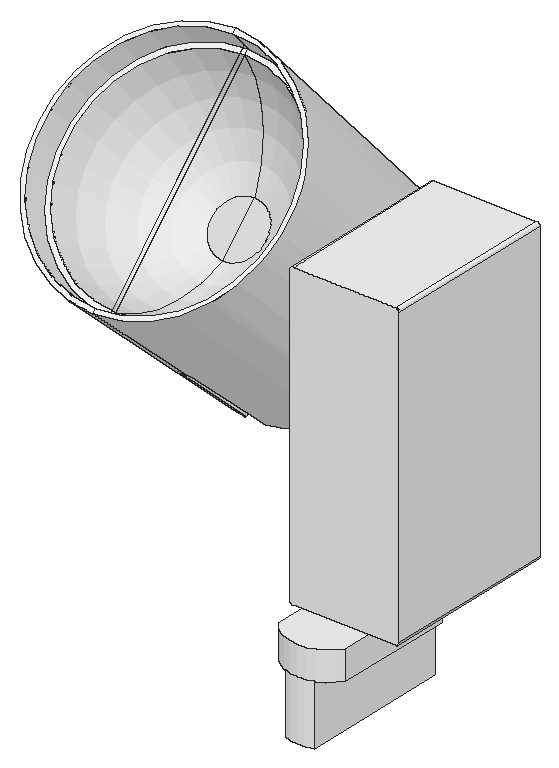
Revit family "0004865 Feilo Sylvania Lighting Fixture START TRACK SPOT L 35W 3K RA90 NB WHITE", category Lighting Fixtures, host Face, Revit 2017 (continued)
Definition of nested family "Start Track Spot Head"
  Types (96, lengths in mm): name | Wattage | built-in parameter 1150134 | Photometric Web File | Model | built-in parameter 1150105 | Lumens | built-in parameter 1150107 | built-in parameter 1150106 | HeadThickness_FEILO | HeadRibOffset_FEILO | HeadRibDepth_FEILO | HeadRibCutWidth_FEILO | HeadRibCutOffset_FEILO | HeadReflectorRadius_FEILO | HeadReflectorOffset_FEILO | HeadLEDRadius_FEILO | HeadHeight_FEILO | HeadDiffusorOffset_FEILO | HeadDiaOut_FEILO | HeadDiaIn_FEILO | HeadAxisFromTop_FEILO | Emit from Circle Diameter | built-in parameter 1150104 | Description | Apparent Load
    0004864 START TRACK SPOT S 24W 3K RA90 WB WHITE | 24 W | (empty or 0) | "0004864.ies" | "START TRACK SPOT S 24W 3K RA90 WB WHITE" | 152.79 (stored number, unit not read) | 1920 lm | 3000 (stored number, unit not read) | 1.5279 (stored number, unit not read) | 1.5 | 4.179 | 55.714 | 7.167 | 50.87 | 50.588 | 55.714 | 9.556 | 117 | 9.435 | 86 | 77.477 | 69.354 | 77.477 | 7.4322 (stored number, unit not read) | "Integrated LED spotlight, Textured White - RAL9016, compact and minimalist design, ideal for retail applications, die-cast aluminium body, passive cooling heatsink. Beam angle: 64°, color temperature: 3000K , total system power: 24W, total fixture output: 1928 lm, LOR: 100%, colour rendering: Ra: 90 typical, LED Chromaticity: 3 step MacAdam ellipse, lifetime: >50000 hours at L70B50, energy class: A++, A+, A, IR/UV free light source without heat radiation, operating voltage: 220-240V / 50-60Hz, drive current: 600mA, electronic driver, non-dimmable, power factor: 0.95, electrical protection: Class II, Global Track 3 Phase adapter suitable for Global trac 3-circuit tracks, ingress protection rating: IP20, suitable for internal environment only, horizontal rotation: 355°, vertical tilt: 90°, dimensions: Ø86x140x200, weight: 0.966kg." | 24 VA
    0004863 START TRACK SPOT S 24W 3K RA90 MB WHITE | 24 W | (empty or 0) | "0004863.ies" | "START TRACK SPOT S 24W 3K RA90 MB WHITE" | 154.7 (stored number, unit not read) | 1944 lm | 3000 (stored number, unit not read) | 1.547 (stored number, unit not read) | 1.5 | 4.179 | 55.714 | 7.167 | 50.87 | 50.588 | 55.714 | 9.556 | 117 | 9.435 | 86 | 77.477 | 69.354 | 77.477 | 7.5251 (stored number, unit not read) | "Integrated LED spotlight, Textured White - RAL9016, compact and minimalist design, ideal for retail applications, die-cast aluminium body, passive cooling heatsink. Beam angle: 36°, color temperature: 3000K , total system power: 24W, total fixture output: 1944 lm, LOR: 100%, colour rendering: Ra: 90 typical, LED Chromaticity: 3 step MacAdam ellipse, lifetime: >50000 hours at L70B50, energy class: A++, A+, A, IR/UV free light source without heat radiation, operating voltage: 220-240V / 50-60Hz, drive current: 600mA, electronic driver, non-dimmable, power factor: 0.95, electrical protection: Class II, Global Track 3 Phase adapter suitable for Global trac 3-circuit tracks, ingress protection rating: IP20, suitable for internal environment only, horizontal rotation: 355°, vertical tilt: 90°, dimensions: Ø86x140x200, weight: 0.966kg." | 24 VA
    0004862 START TRACK SPOT S 24W 3K RA90 NB WHITE | 24 W | (empty or 0) | "0004862.ies" | "START TRACK SPOT S 24W 3K RA90 NB WHITE" | 158.52 (stored number, unit not read) | 1992 lm | 3000 (stored number, unit not read) | 1.5852 (stored number, unit not read) | 1.5 | 4.179 | 55.714 | 7.167 | 50.87 | 50.588 | 55.714 | 9.556 | 117 | 9.435 | 86 | 77.477 | 69.354 | 77.477 | 7.711 (stored number, unit not read) | "Integrated LED spotlight, Textured White - RAL9016, compact and minimalist design, ideal for retail applications, die-cast aluminium body, passive cooling heatsink. Beam angle: 12°, color temperature: 3000K , total system power: 24W, total fixture output: 1987 lm, LOR: 100%, colour rendering: Ra: 90 typical, LED Chromaticity: 3 step MacAdam ellipse, lifetime: >50000 hours at L70B50, energy class: A++, A+, A, IR/UV free light source without heat radiation, operating voltage: 220-240V / 50-60Hz, drive current: 600mA, electronic driver, non-dimmable, power factor: 0.95, electrical protection: Class II, Global Track 3 Phase adapter suitable for Global trac 3-circuit tracks, ingress protection rating: IP20, suitable for internal environment only, horizontal rotation: 355°, vertical tilt: 90°, dimensions: Ø86x140x200, weight: 0.966kg." | 24 VA
    0004861 START TRACK SPOT S 14W 3K RA90 WB WHITE | 14 W | (empty or 0) | "0004861.ies" | "START TRACK SPOT S 14W 3K RA90 WB WHITE" | 100.27 (stored number, unit not read) | 1260 lm | 3000 (stored number, unit not read) | 1.0027 (stored number, unit not read) | 1.5 | 4.179 | 55.714 | 7.167 | 50.87 | 50.588 | 55.714 | 9.556 | 117 | 9.435 | 86 | 77.477 | 69.354 | 77.477 | 8.3613 (stored number, unit not read) | "Integrated LED spotlight, Textured White - RAL9016, compact and minimalist design, ideal for retail applications, die-cast aluminium body, passive cooling heatsink. Beam angle: 64°, color temperature: 3000K , total system power: 14W, total fixture output: 1262 lm, LOR: 100%, colour rendering: Ra: 90 typical, LED Chromaticity: 3 step MacAdam ellipse, lifetime: >50000 hours at L70B50, energy class: A++, A+, A, IR/UV free light source without heat radiation, operating voltage: 220-240V / 50-60Hz, drive current: 350mA, electronic driver, non-dimmable, power factor: 0.92, electrical protection: Class II, Global Track 3 Phase adapter suitable for Global trac 3-circuit tracks, ingress protection rating: IP20, suitable for internal environment only, horizontal rotation: 355°, vertical tilt: 90°, dimensions: Ø86x140x200, weight: 0.940kg." | 14 VA
    0004860 START TRACK SPOT S 14W 3K RA90 MB WHITE | 14 W | (empty or 0) | "0004860.ies" | "START TRACK SPOT S 14W 3K RA90 MB WHITE" | 100.27 (stored number, unit not read) | 1260 lm | 3000 (stored number, unit not read) | 1.0027 (stored number, unit not read) | 1.5 | 4.179 | 55.714 | 7.167 | 50.87 | 50.588 | 55.714 | 9.556 | 117 | 9.435 | 86 | 77.477 | 69.354 | 77.477 | 8.3613 (stored number, unit not read) | "Integrated LED spotlight, Textured White - RAL9016, compact and minimalist design, ideal for retail applications, die-cast aluminium body, passive cooling heatsink. Beam angle: 36°, color temperature: 3000K , total system power: 14W, total fixture output: 1262 lm, LOR: 100%, colour rendering: Ra: 90 typical, LED Chromaticity: 3 step MacAdam ellipse, lifetime: >50000 hours at L70B50, energy class: A++, A+, A, IR/UV free light source without heat radiation, operating voltage: 220-240V / 50-60Hz, drive current: 350mA, electronic driver, non-dimmable, power factor: 0.92, electrical protection: Class II, Global Track 3 Phase adapter suitable for Global trac 3-circuit tracks, ingress protection rating: IP20, suitable for internal environment only, horizontal rotation: 355°, vertical tilt: 90°, dimensions: Ø86x140x200, weight: 0.940kg." | 14 VA
    0004859 START TRACK SPOT S 14W 3K RA90 NB WHITE | 14 W | (empty or 0) | "0004859.ies" | "START TRACK SPOT S 14W 3K RA90 NB WHITE" | 102.5 (stored number, unit not read) | 1288 lm | 3000 (stored number, unit not read) | 1.025 (stored number, unit not read) | 1.5 | 4.179 | 55.714 | 7.167 | 50.87 | 50.588 | 55.714 | 9.556 | 117 | 9.435 | 86 | 77.477 | 69.354 | 77.477 | 8.5471 (stored number, unit not read) | "Integrated LED spotlight, Textured White - RAL9016, compact and minimalist design, ideal for retail applications, die-cast aluminium body, passive cooling heatsink. Beam angle: 12°, color temperature: 3000K , total system power: 14W, total fixture output: 1284 lm, LOR: 100%, colour rendering: Ra: 90 typical, LED Chromaticity: 3 step MacAdam ellipse, lifetime: >50000 hours at L70B50, energy class: A++, A+, A, IR/UV free light source without heat radiation, operating voltage: 220-240V / 50-60Hz, drive current: 350mA, electronic driver, non-dimmable, power factor: 0.92, electrical protection: Class II, Global Track 3 Phase adapter suitable for Global trac 3-circuit tracks, ingress protection rating: IP20, suitable for internal environment only, horizontal rotation: 355°, vertical tilt: 90°, dimensions: Ø86x140x200, weight: 0.940kg." | 14 VA
    0004858 START TRACK SPOT L 55W 4K RA80 WB BLACK | 55 W | 12 | "0004858.ies" | "START TRACK SPOT L 55W 4K RA80 WB BLACK" | 424.55 (stored number, unit not read) | 5335 lm | 4000 (stored number, unit not read) | 4.2455 (stored number, unit not read) | 2 | 4.429 | 59.048 | 9.417 | 53.913 | 66.471 | 59.048 | 12.556 | 124 | 10 | 113 | 101.802 | 73.503 | 101.802 | 9.0116 (stored number, unit not read) | "Integrated LED spotlight, Textured Black - RAL9005, compact and minimalist design, ideal for retail applications, die-cast aluminium body, passive cooling heatsink. Beam angle: 52°, color temperature: 4000K , total system power: 55W, total fixture output: 5320 lm, LOR: 100%, colour rendering: Ra: 80 typical, LED Chromaticity: 3 step MacAdam ellipse, lifetime: >50000 hours at L70B50, energy class: A++, A+, A, IR/UV free light source without heat radiation, operating voltage: 220-240V / 50-60Hz, drive current: 1400mA, electronic driver, non-dimmable, power factor: 0.96, electrical protection: Class II, Global Track 3 Phase adapter suitable for Global trac 3-circuit tracks, ingress protection rating: IP20, suitable for internal environment only, horizontal rotation: 355°, vertical tilt: 90°, dimensions: Ø113x164x240, weight: 1.398kg." | 55 VA
    0004857 START TRACK SPOT L 55W 4K RA80 MB BLACK | 55 W | 12 | "0004857.ies" | "START TRACK SPOT L 55W 4K RA80 MB BLACK" | 428.92 (stored number, unit not read) | 5390 lm | 4000 (stored number, unit not read) | 4.2892 (stored number, unit not read) | 2 | 4.429 | 59.048 | 9.417 | 53.913 | 66.471 | 59.048 | 12.556 | 124 | 10 | 113 | 101.802 | 73.503 | 101.802 | 9.1045 (stored number, unit not read) | "Integrated LED spotlight, Textured Black - RAL9005, compact and minimalist design, ideal for retail applications, die-cast aluminium body, passive cooling heatsink. Beam angle: 38°, color temperature: 4000K , total system power: 55W, total fixture output: 5378 lm, LOR: 100%, colour rendering: Ra: 80 typical, LED Chromaticity: 3 step MacAdam ellipse, lifetime: >50000 hours at L70B50, energy class: A++, A+, A, IR/UV free light source without heat radiation, operating voltage: 220-240V / 50-60Hz, drive current: 1400mA, electronic driver, non-dimmable, power factor: 0.96, electrical protection: Class II, Global Track 3 Phase adapter suitable for Global trac 3-circuit tracks, ingress protection rating: IP20, suitable for internal environment only, horizontal rotation: 355°, vertical tilt: 90°, dimensions: Ø113x164x240, weight: 1.398kg." | 55 VA
    0004856 START TRACK SPOT L 55W 4K RA80 NB BLACK | 55 W | 12 | "0004856.ies" | "START TRACK SPOT L 55W 4K RA80 NB BLACK" | 433.3 (stored number, unit not read) | 5445 lm | 4000 (stored number, unit not read) | 4.333 (stored number, unit not read) | 2 | 4.429 | 59.048 | 9.417 | 53.913 | 66.471 | 59.048 | 12.556 | 124 | 10 | 113 | 101.802 | 73.503 | 101.802 | 9.1974 (stored number, unit not read) | "Integrated LED spotlight, Textured Black - RAL9005, compact and minimalist design, ideal for retail applications, die-cast aluminium body, passive cooling heatsink. Beam angle: 15°, color temperature: 4000K , total system power: 55W, total fixture output: 5426 lm, LOR: 100%, colour rendering: Ra: 80 typical, LED Chromaticity: 3 step MacAdam ellipse, lifetime: >50000 hours at L70B50, energy class: A++, A+, A, IR/UV free light source without heat radiation, operating voltage: 220-240V / 50-60Hz, drive current: 1400mA, electronic driver, non-dimmable, power factor: 0.96, electrical protection: Class II, Global Track 3 Phase adapter suitable for Global trac 3-circuit tracks, ingress protection rating: IP20, suitable for internal environment only, horizontal rotation: 355°, vertical tilt: 90°, dimensions: Ø113x164x240, weight: 1.398kg." | 55 VA
    0004855 START TRACK SPOT L 35W 4K RA80 WB BLACK | 35 W | 12 | "0004855.ies" | "START TRACK SPOT L 35W 4K RA80 WB BLACK" | 320.3 (stored number, unit not read) | 4025 lm | 4000 (stored number, unit not read) | 3.203 (stored number, unit not read) | 2 | 4.429 | 59.048 | 9.417 | 53.913 | 66.471 | 59.048 | 12.556 | 124 | 10 | 113 | 101.802 | 73.503 | 101.802 | 10.684 (stored number, unit not read) | "Integrated LED spotlight, Textured Black - RAL9005, compact and minimalist design, ideal for retail applications, die-cast aluminium body, passive cooling heatsink. Beam angle: 52°, color temperature: 4000K , total system power: 35W, total fixture output: 4010 lm, LOR: 100%, colour rendering: Ra: 80 typical, LED Chromaticity: 3 step MacAdam ellipse, lifetime: >50000 hours at L70B50, energy class: A++, A+, A, IR/UV free light source without heat radiation, operating voltage: 220-240V / 50-60Hz, drive current: 900mA, electronic driver, non-dimmable, power factor: 0.93, electrical protection: Class II, Global Track 3 Phase adapter suitable for Global trac 3-circuit tracks, ingress protection rating: IP20, suitable for internal environment only, horizontal rotation: 355°, vertical tilt: 90°, dimensions: Ø113x164x240, weight: 1.368kg." | 35 VA
    0004854 START TRACK SPOT L 35W 4K RA80 MB BLACK | 35 W | 12 | "0004854.ies" | "START TRACK SPOT L 35W 4K RA80 MB BLACK" | 320.3 (stored number, unit not read) | 4025 lm | 4000 (stored number, unit not read) | 3.203 (stored number, unit not read) | 2 | 4.429 | 59.048 | 9.417 | 53.913 | 66.471 | 59.048 | 12.556 | 124 | 10 | 113 | 101.802 | 73.503 | 101.802 | 10.684 (stored number, unit not read) | "Integrated LED spotlight, Textured Black - RAL9005, compact and minimalist design, ideal for retail applications, die-cast aluminium body, passive cooling heatsink. Beam angle: 38°, color temperature: 4000K , total system power: 35W, total fixture output: 4017 lm, LOR: 100%, colour rendering: Ra: 80 typical, LED Chromaticity: 3 step MacAdam ellipse, lifetime: >50000 hours at L70B50, energy class: A++, A+, A, IR/UV free light source without heat radiation, operating voltage: 220-240V / 50-60Hz, drive current: 900mA, electronic driver, non-dimmable, power factor: 0.93, electrical protection: Class II, Global Track 3 Phase adapter suitable for Global trac 3-circuit tracks, ingress protection rating: IP20, suitable for internal environment only, horizontal rotation: 355°, vertical tilt: 90°, dimensions: Ø113x164x240, weight: 1.368kg." | 35 VA
    0004853 START TRACK SPOT L 35W 4K RA80 NB BLACK | 35 W | 12 | "0004853.ies" | "START TRACK SPOT L 35W 4K RA80 NB BLACK" | 331.44 (stored number, unit not read) | 4165 lm | 4000 (stored number, unit not read) | 3.3144 (stored number, unit not read) | 2 | 4.429 | 59.048 | 9.417 | 53.913 | 66.471 | 59.048 | 12.556 | 124 | 10 | 113 | 101.802 | 73.503 | 101.802 | 11.055 (stored number, unit not read) | "Integrated LED spotlight, Textured Black - RAL9005, compact and minimalist design, ideal for retail applications, die-cast aluminium body, passive cooling heatsink. Beam angle: 15°, color temperature: 4000K , total system power: 35W, total fixture output: 4174 lm, LOR: 100%, colour rendering: Ra: 80 typical, LED Chromaticity: 3 step MacAdam ellipse, lifetime: >50000 hours at L70B50, energy class: A++, A+, A, IR/UV free light source without heat radiation, operating voltage: 220-240V / 50-60Hz, drive current: 900mA, electronic driver, non-dimmable, power factor: 0.93, electrical protection: Class II, Global Track 3 Phase adapter suitable for Global trac 3-circuit tracks, ingress protection rating: IP20, suitable for internal environment only, horizontal rotation: 355°, vertical tilt: 90°, dimensions: Ø113x164x240, weight: 1.368kg." | 35 VA
    0004852 START TRACK SPOT S 24W 4K RA80 WB BLACK | 24 W | 12 | "0004852.ies" | "START TRACK SPOT S 24W 4K RA80 WB BLACK" | 196.72 (stored number, unit not read) | 2472 lm | 4000 (stored number, unit not read) | 1.9672 (stored number, unit not read) | 1.5 | 4.179 | 55.714 | 7.167 | 50.87 | 50.588 | 55.714 | 9.556 | 117 | 9.435 | 86 | 77.477 | 69.354 | 77.477 | 9.569 (stored number, unit not read) | "Integrated LED spotlight, Textured Black - RAL9005, compact and minimalist design, ideal for retail applications, die-cast aluminium body, passive cooling heatsink. Beam angle: 64°, color temperature: 4000K , total system power: 24W, total fixture output: 2476 lm, LOR: 100%, colour rendering: Ra: 80 typical, LED Chromaticity: 3 step MacAdam ellipse, lifetime: >50000 hours at L70B50, energy class: A++, A+, A, IR/UV free light source without heat radiation, operating voltage: 220-240V / 50-60Hz, drive current: 600mA, electronic driver, non-dimmable, power factor: 0.95, electrical protection: Class II, Global Track 3 Phase adapter suitable for Global trac 3-circuit tracks, ingress protection rating: IP20, suitable for internal environment only, horizontal rotation: 355°, vertical tilt: 90°, dimensions: Ø86x140x200, weight: 0.966kg." | 24 VA
    0004851 START TRACK SPOT S 24W 4K RA80 MB BLACK | 24 W | 12 | "0004851.ies" | "START TRACK SPOT S 24W 4K RA80 MB BLACK" | 198.63 (stored number, unit not read) | 2496 lm | 4000 (stored number, unit not read) | 1.9863 (stored number, unit not read) | 1.5 | 4.179 | 55.714 | 7.167 | 50.87 | 50.588 | 55.714 | 9.556 | 117 | 9.435 | 86 | 77.477 | 69.354 | 77.477 | 9.6619 (stored number, unit not read) | "Integrated LED spotlight, Textured Black - RAL9005, compact and minimalist design, ideal for retail applications, die-cast aluminium body, passive cooling heatsink. Beam angle: 36°, color temperature: 4000K , total system power: 24W, total fixture output: 2487 lm, LOR: 100%, colour rendering: Ra: 80 typical, LED Chromaticity: 3 step MacAdam ellipse, lifetime: >50000 hours at L70B50, energy class: A++, A+, A, IR/UV free light source without heat radiation, operating voltage: 220-240V / 50-60Hz, drive current: 600mA, electronic driver, non-dimmable, power factor: 0.95, electrical protection: Class II, Global Track 3 Phase adapter suitable for Global trac 3-circuit tracks, ingress protection rating: IP20, suitable for internal environment only, horizontal rotation: 355°, vertical tilt: 90°, dimensions: Ø86x140x200, weight: 0.966kg." | 24 VA
    0004850 START TRACK SPOT S 24W 4K RA80 NB BLACK | 24 W | 12 | "0004850.ies" | "START TRACK SPOT S 24W 4K RA80 NB BLACK" | 200.54 (stored number, unit not read) | 2520 lm | 4000 (stored number, unit not read) | 2.0054 (stored number, unit not read) | 1.5 | 4.179 | 55.714 | 7.167 | 50.87 | 50.588 | 55.714 | 9.556 | 117 | 9.435 | 86 | 77.477 | 69.354 | 77.477 | 9.7548 (stored number, unit not read) | "Integrated LED spotlight, Textured Black - RAL9005, compact and minimalist design, ideal for retail applications, die-cast aluminium body, passive cooling heatsink. Beam angle: 12°, color temperature: 4000K , total system power: 24W, total fixture output: 2529 lm, LOR: 100%, colour rendering: Ra: 80 typical, LED Chromaticity: 3 step MacAdam ellipse, lifetime: >50000 hours at L70B50, energy class: A++, A+, A, IR/UV free light source without heat radiation, operating voltage: 220-240V / 50-60Hz, drive current: 600mA, electronic driver, non-dimmable, power factor: 0.95, electrical protection: Class II, Global Track 3 Phase adapter suitable for Global trac 3-circuit tracks, ingress protection rating: IP20, suitable for internal environment only, horizontal rotation: 355°, vertical tilt: 90°, dimensions: Ø86x140x200, weight: 0.966kg." | 24 VA
    0004849 START TRACK SPOT S 14W 4K RA80 WB BLACK | 14 W | 12 | "0004849.ies" | "START TRACK SPOT S 14W 4K RA80 WB BLACK" | 123.66 (stored number, unit not read) | 1554 lm | 4000 (stored number, unit not read) | 1.2366 (stored number, unit not read) | 1.5 | 4.179 | 55.714 | 7.167 | 50.87 | 50.588 | 55.714 | 9.556 | 117 | 9.435 | 86 | 77.477 | 69.354 | 77.477 | 10.312 (stored number, unit not read) | "Integrated LED spotlight, Textured Black - RAL9005, compact and minimalist design, ideal for retail applications, die-cast aluminium body, passive cooling heatsink. Beam angle: 64°, color temperature: 4000K , total system power: 14W, total fixture output: 1558 lm, LOR: 100%, colour rendering: Ra: 80 typical, LED Chromaticity: 3 step MacAdam ellipse, lifetime: >50000 hours at L70B50, energy class: A++, A+, A, IR/UV free light source without heat radiation, operating voltage: 220-240V / 50-60Hz, drive current: 350mA, electronic driver, non-dimmable, power factor: 0.92, electrical protection: Class II, Global Track 3 Phase adapter suitable for Global trac 3-circuit tracks, ingress protection rating: IP20, suitable for internal environment only, horizontal rotation: 355°, vertical tilt: 90°, dimensions: Ø86x140x200, weight: 0.940kg." | 14 VA
    0004848 START TRACK SPOT S 14W 4K RA80 MB BLACK | 14 W | 12 | "0004848.ies" | "START TRACK SPOT S 14W 4K RA80 MB BLACK" | 127.01 (stored number, unit not read) | 1596 lm | 4000 (stored number, unit not read) | 1.2701 (stored number, unit not read) | 1.5 | 4.179 | 55.714 | 7.167 | 50.87 | 50.588 | 55.714 | 9.556 | 117 | 9.435 | 86 | 77.477 | 69.354 | 77.477 | 10.591 (stored number, unit not read) | "Integrated LED spotlight, Textured Black - RAL9005, compact and minimalist design, ideal for retail applications, die-cast aluminium body, passive cooling heatsink. Beam angle: 36°, color temperature: 4000K , total system power: 14W, total fixture output: 1598 lm, LOR: 100%, colour rendering: Ra: 80 typical, LED Chromaticity: 3 step MacAdam ellipse, lifetime: >50000 hours at L70B50, energy class: A++, A+, A, IR/UV free light source without heat radiation, operating voltage: 220-240V / 50-60Hz, drive current: 350mA, electronic driver, non-dimmable, power factor: 0.92, electrical protection: Class II, Global Track 3 Phase adapter suitable for Global trac 3-circuit tracks, ingress protection rating: IP20, suitable for internal environment only, horizontal rotation: 355°, vertical tilt: 90°, dimensions: Ø86x140x200, weight: 0.940kg." | 14 VA
    0004847 START TRACK SPOT S 14W 4K RA80 NB BLACK | 14 W | 12 | "0004847.ies" | "START TRACK SPOT S 14W 4K RA80 NB BLACK" | 128.12 (stored number, unit not read) | 1610 lm | 4000 (stored number, unit not read) | 1.2812 (stored number, unit not read) | 1.5 | 4.179 | 55.714 | 7.167 | 50.87 | 50.588 | 55.714 | 9.556 | 117 | 9.435 | 86 | 77.477 | 69.354 | 77.477 | 10.684 (stored number, unit not read) | "Integrated LED spotlight, Textured Black - RAL9005, compact and minimalist design, ideal for retail applications, die-cast aluminium body, passive cooling heatsink. Beam angle: 12°, color temperature: 4000K , total system power: 14W, total fixture output: 1608 lm, LOR: 100%, colour rendering: Ra: 80 typical, LED Chromaticity: 3 step MacAdam ellipse, lifetime: >50000 hours at L70B50, energy class: A++, A+, A, IR/UV free light source without heat radiation, operating voltage: 220-240V / 50-60Hz, drive current: 350mA, electronic driver, non-dimmable, power factor: 0.92, electrical protection: Class II, Global Track 3 Phase adapter suitable for Global trac 3-circuit tracks, ingress protection rating: IP20, suitable for internal environment only, horizontal rotation: 355°, vertical tilt: 90°, dimensions: Ø86x140x200, weight: 0.940kg." | 14 VA
    0004846 START TRACK SPOT L 55W 3K RA80 WB BLACK | 55 W | (empty or 0) | "0004846.ies" | "START TRACK SPOT L 55W 3K RA80 WB BLACK" | 420.17 (stored number, unit not read) | 5280 lm | 3000 (stored number, unit not read) | 4.2017 (stored number, unit not read) | 2 | 4.429 | 59.048 | 9.417 | 53.913 | 66.471 | 59.048 | 12.556 | 124 | 10 | 113 | 101.802 | 73.503 | 101.802 | 8.9187 (stored number, unit not read) | "Integrated LED spotlight, Textured Black - RAL9005, compact and minimalist design, ideal for retail applications, die-cast aluminium body, passive cooling heatsink. Beam angle: 52°, color temperature: 3000K , total system power: 55W, total fixture output: 5298 lm, LOR: 100%, colour rendering: Ra: 80 typical, LED Chromaticity: 3 step MacAdam ellipse, lifetime: >50000 hours at L70B50, energy class: A++, A+, A, IR/UV free light source without heat radiation, operating voltage: 220-240V / 50-60Hz, drive current: 1400mA, electronic driver, non-dimmable, power factor: 0.96, electrical protection: Class II, Global Track 3 Phase adapter suitable for Global trac 3-circuit tracks, ingress protection rating: IP20, suitable for internal environment only, horizontal rotation: 355°, vertical tilt: 90°, dimensions: Ø113x164x240, weight: 1.398kg." | 55 VA
    0004845 START TRACK SPOT L 55W 3K RA80 MB BLACK | 55 W | (empty or 0) | "0004845.ies" | "START TRACK SPOT L 55W 3K RA80 MB BLACK" | 428.92 (stored number, unit not read) | 5390 lm | 3000 (stored number, unit not read) | 4.2892 (stored number, unit not read) | 2 | 4.429 | 59.048 | 9.417 | 53.913 | 66.471 | 59.048 | 12.556 | 124 | 10 | 113 | 101.802 | 73.503 | 101.802 | 9.1045 (stored number, unit not read) | "Integrated LED spotlight, Textured Black - RAL9005, compact and minimalist design, ideal for retail applications, die-cast aluminium body, passive cooling heatsink. Beam angle: 38°, color temperature: 3000K , total system power: 55W, total fixture output: 5381 lm, LOR: 100%, colour rendering: Ra: 80 typical, LED Chromaticity: 3 step MacAdam ellipse, lifetime: >50000 hours at L70B50, energy class: A++, A+, A, IR/UV free light source without heat radiation, operating voltage: 220-240V / 50-60Hz, drive current: 1400mA, electronic driver, non-dimmable, power factor: 0.96, electrical protection: Class II, Global Track 3 Phase adapter suitable for Global trac 3-circuit tracks, ingress protection rating: IP20, suitable for internal environment only, horizontal rotation: 355°, vertical tilt: 90°, dimensions: Ø113x164x240, weight: 1.398kg." | 55 VA
    0004844 START TRACK SPOT L 55W 3K RA80 NB BLACK | 55 W | (empty or 0) | "0004844.ies" | "START TRACK SPOT L 55W 3K RA80 NB BLACK" | 433.3 (stored number, unit not read) | 5445 lm | 3000 (stored number, unit not read) | 4.333 (stored number, unit not read) | 2 | 4.429 | 59.048 | 9.417 | 53.913 | 66.471 | 59.048 | 12.556 | 124 | 10 | 113 | 101.802 | 73.503 | 101.802 | 9.1974 (stored number, unit not read) | "Integrated LED spotlight, Textured Black - RAL9005, compact and minimalist design, ideal for retail applications, die-cast aluminium body, passive cooling heatsink. Beam angle: 15°, color temperature: 3000K , total system power: 55W, total fixture output: 5449 lm, LOR: 100%, colour rendering: Ra: 80 typical, LED Chromaticity: 3 step MacAdam ellipse, lifetime: >50000 hours at L70B50, energy class: A++, A+, A, IR/UV free light source without heat radiation, operating voltage: 220-240V / 50-60Hz, drive current: 1400mA, electronic driver, non-dimmable, power factor: 0.96, electrical protection: Class II, Global Track 3 Phase adapter suitable for Global trac 3-circuit tracks, ingress protection rating: IP20, suitable for internal environment only, horizontal rotation: 355°, vertical tilt: 90°, dimensions: Ø113x164x240, weight: 1.398kg." | 55 VA
    0004843 START TRACK SPOT L 35W 3K RA80 WB BLACK | 35 W | (empty or 0) | "0004843.ies" | "START TRACK SPOT L 35W 3K RA80 WB BLACK" | 314.73 (stored number, unit not read) | 3955 lm | 3000 (stored number, unit not read) | 3.1473 (stored number, unit not read) | 2 | 4.429 | 59.048 | 9.417 | 53.913 | 66.471 | 59.048 | 12.556 | 124 | 10 | 113 | 101.802 | 73.503 | 101.802 | 10.498 (stored number, unit not read) | "Integrated LED spotlight, Textured Black - RAL9005, compact and minimalist design, ideal for retail applications, die-cast aluminium body, passive cooling heatsink. Beam angle: 52°, color temperature: 3000K , total system power: 35W, total fixture output: 3943 lm, LOR: 100%, colour rendering: Ra: 80 typical, LED Chromaticity: 3 step MacAdam ellipse, lifetime: >50000 hours at L70B50, energy class: A++, A+, A, IR/UV free light source without heat radiation, operating voltage: 220-240V / 50-60Hz, drive current: 900mA, electronic driver, non-dimmable, power factor: 0.93, electrical protection: Class II, Global Track 3 Phase adapter suitable for Global trac 3-circuit tracks, ingress protection rating: IP20, suitable for internal environment only, horizontal rotation: 355°, vertical tilt: 90°, dimensions: Ø113x164x240, weight: 1.368kg." | 35 VA
    0004842 START TRACK SPOT L 35W 3K RA80 MB BLACK | 35 W | (empty or 0) | "0004842.ies" | "START TRACK SPOT L 35W 3K RA80 MB BLACK" | 320.3 (stored number, unit not read) | 4025 lm | 3000 (stored number, unit not read) | 3.203 (stored number, unit not read) | 2 | 4.429 | 59.048 | 9.417 | 53.913 | 66.471 | 59.048 | 12.556 | 124 | 10 | 113 | 101.802 | 73.503 | 101.802 | 10.684 (stored number, unit not read) | "Integrated LED spotlight, Textured Black - RAL9005, compact and minimalist design, ideal for retail applications, die-cast aluminium body, passive cooling heatsink. Beam angle: 38°, color temperature: 3000K , total system power: 35W, total fixture output: 4008 lm, LOR: 100%, colour rendering: Ra: 80 typical, LED Chromaticity: 3 step MacAdam ellipse, lifetime: >50000 hours at L70B50, energy class: A++, A+, A, IR/UV free light source without heat radiation, operating voltage: 220-240V / 50-60Hz, drive current: 900mA, electronic driver, non-dimmable, power factor: 0.93, electrical protection: Class II, Global Track 3 Phase adapter suitable for Global trac 3-circuit tracks, ingress protection rating: IP20, suitable for internal environment only, horizontal rotation: 355°, vertical tilt: 90°, dimensions: Ø113x164x240, weight: 1.368kg." | 35 VA
    0004841 START TRACK SPOT L 35W 3K RA80 NB BLACK | 35 W | (empty or 0) | "0004841.ies" | "START TRACK SPOT L 35W 3K RA80 NB BLACK" | 317.51 (stored number, unit not read) | 3990 lm | 3000 (stored number, unit not read) | 3.1751 (stored number, unit not read) | 2 | 4.429 | 59.048 | 9.417 | 53.913 | 66.471 | 59.048 | 12.556 | 124 | 10 | 113 | 101.802 | 73.503 | 101.802 | 10.591 (stored number, unit not read) | "Integrated LED spotlight, Textured Black - RAL9005, compact and minimalist design, ideal for retail applications, die-cast aluminium body, passive cooling heatsink. Beam angle: 15°, color temperature: 3000K , total system power: 35W, total fixture output: 4005 lm, LOR: 100%, colour rendering: Ra: 80 typical, LED Chromaticity: 3 step MacAdam ellipse, lifetime: >50000 hours at L70B50, energy class: A++, A+, A, IR/UV free light source without heat radiation, operating voltage: 220-240V / 50-60Hz, drive current: 900mA, electronic driver, non-dimmable, power factor: 0.93, electrical protection: Class II, Global Track 3 Phase adapter suitable for Global trac 3-circuit tracks, ingress protection rating: IP20, suitable for internal environment only, horizontal rotation: 355°, vertical tilt: 90°, dimensions: Ø113x164x240, weight: 1.368kg." | 35 VA
    0004840 START TRACK SPOT S 24W 3K RA80 WB BLACK | 24 W | (empty or 0) | "0004840.ies" | "START TRACK SPOT S 24W 3K RA80 WB BLACK" | 185.26 (stored number, unit not read) | 2328 lm | 3000 (stored number, unit not read) | 1.8526 (stored number, unit not read) | 1.5 | 4.179 | 55.714 | 7.167 | 50.87 | 50.588 | 55.714 | 9.556 | 117 | 9.435 | 86 | 77.477 | 69.354 | 77.477 | 9.0116 (stored number, unit not read) | "Integrated LED spotlight, Textured Black - RAL9005, compact and minimalist design, ideal for retail applications, die-cast aluminium body, passive cooling heatsink. Beam angle: 64°, color temperature: 3000K , total system power: 24W, total fixture output: 2318 lm, LOR: 100%, colour rendering: Ra: 80 typical, LED Chromaticity: 3 step MacAdam ellipse, lifetime: >50000 hours at L70B50, energy class: A++, A+, A, IR/UV free light source without heat radiation, operating voltage: 220-240V / 50-60Hz, drive current: 600mA, electronic driver, non-dimmable, power factor: 0.95, electrical protection: Class II, Global Track 3 Phase adapter suitable for Global trac 3-circuit tracks, ingress protection rating: IP20, suitable for internal environment only, horizontal rotation: 355°, vertical tilt: 90°, dimensions: Ø86x140x200, weight: 0.966kg." | 24 VA
    0004839 START TRACK SPOT S 24W 3K RA80 MB BLACK | 24 W | (empty or 0) | "0004839.ies" | "START TRACK SPOT S 24W 3K RA80 MB BLACK" | 183.35 (stored number, unit not read) | 2304 lm | 3000 (stored number, unit not read) | 1.8335 (stored number, unit not read) | 1.5 | 4.179 | 55.714 | 7.167 | 50.87 | 50.588 | 55.714 | 9.556 | 117 | 9.435 | 86 | 77.477 | 69.354 | 77.477 | 8.9187 (stored number, unit not read) | "Integrated LED spotlight, Textured Black - RAL9005, compact and minimalist design, ideal for retail applications, die-cast aluminium body, passive cooling heatsink. Beam angle: 36°, color temperature: 3000K , total system power: 24W, total fixture output: 2314 lm, LOR: 100%, colour rendering: Ra: 80 typical, LED Chromaticity: 3 step MacAdam ellipse, lifetime: >50000 hours at L70B50, energy class: A++, A+, A, IR/UV free light source without heat radiation, operating voltage: 220-240V / 50-60Hz, drive current: 600mA, electronic driver, non-dimmable, power factor: 0.95, electrical protection: Class II, Global Track 3 Phase adapter suitable for Global trac 3-circuit tracks, ingress protection rating: IP20, suitable for internal environment only, horizontal rotation: 355°, vertical tilt: 90°, dimensions: Ø86x140x200, weight: 0.966kg." | 24 VA
    0004838 START TRACK SPOT S 24W 3K RA80 NB BLACK | 24 W | (empty or 0) | "0004838.ies" | "START TRACK SPOT S 24W 3K RA80 NB BLACK" | 185.26 (stored number, unit not read) | 2328 lm | 3000 (stored number, unit not read) | 1.8526 (stored number, unit not read) | 1.5 | 4.179 | 55.714 | 7.167 | 50.87 | 50.588 | 55.714 | 9.556 | 117 | 9.435 | 86 | 77.477 | 69.354 | 77.477 | 9.0116 (stored number, unit not read) | "Integrated LED spotlight, Textured Black - RAL9005, compact and minimalist design, ideal for retail applications, die-cast aluminium body, passive cooling heatsink. Beam angle: 12°, color temperature: 3000K , total system power: 24W, total fixture output: 2334 lm, LOR: 100%, colour rendering: Ra: 80 typical, LED Chromaticity: 3 step MacAdam ellipse, lifetime: >50000 hours at L70B50, energy class: A++, A+, A, IR/UV free light source without heat radiation, operating voltage: 220-240V / 50-60Hz, drive current: 600mA, electronic driver, non-dimmable, power factor: 0.95, electrical protection: Class II, Global Track 3 Phase adapter suitable for Global trac 3-circuit tracks, ingress protection rating: IP20, suitable for internal environment only, horizontal rotation: 355°, vertical tilt: 90°, dimensions: Ø86x140x200, weight: 0.966kg." | 24 VA
    0004837 START TRACK SPOT S 14W 3K RA80 WB BLACK | 14 W | (empty or 0) | "0004837.ies" | "START TRACK SPOT S 14W 3K RA80 WB BLACK" | 119.21 (stored number, unit not read) | 1498 lm | 3000 (stored number, unit not read) | 1.1921 (stored number, unit not read) | 1.5 | 4.179 | 55.714 | 7.167 | 50.87 | 50.588 | 55.714 | 9.556 | 117 | 9.435 | 86 | 77.477 | 69.354 | 77.477 | 9.9406 (stored number, unit not read) | "Integrated LED spotlight, Textured Black - RAL9005, compact and minimalist design, ideal for retail applications, die-cast aluminium body, passive cooling heatsink. Beam angle: 64°, color temperature: 3000K , total system power: 14W, total fixture output: 1498 lm, LOR: 100%, colour rendering: Ra: 80 typical, LED Chromaticity: 3 step MacAdam ellipse, lifetime: >50000 hours at L70B50, energy class: A++, A+, A, IR/UV free light source without heat radiation, operating voltage: 220-240V / 50-60Hz, drive current: 350mA, electronic driver, non-dimmable, power factor: 0.92, electrical protection: Class II, Global Track 3 Phase adapter suitable for Global trac 3-circuit tracks, ingress protection rating: IP20, suitable for internal environment only, horizontal rotation: 355°, vertical tilt: 90°, dimensions: Ø86x140x200, weight: 0.940kg." | 14 VA
    0004836 START TRACK SPOT S 14W 3K RA80 MB BLACK | 14 W | (empty or 0) | "0004836.ies" | "START TRACK SPOT S 14W 3K RA80 MB BLACK" | 120.32 (stored number, unit not read) | 1512 lm | 3000 (stored number, unit not read) | 1.2032 (stored number, unit not read) | 1.5 | 4.179 | 55.714 | 7.167 | 50.87 | 50.588 | 55.714 | 9.556 | 117 | 9.435 | 86 | 77.477 | 69.354 | 77.477 | 10.034 (stored number, unit not read) | "Integrated LED spotlight, Textured Black - RAL9005, compact and minimalist design, ideal for retail applications, die-cast aluminium body, passive cooling heatsink. Beam angle: 36°, color temperature: 3000K , total system power: 14W, total fixture output: 1508 lm, LOR: 100%, colour rendering: Ra: 80 typical, LED Chromaticity: 3 step MacAdam ellipse, lifetime: >50000 hours at L70B50, energy class: A++, A+, A, IR/UV free light source without heat radiation, operating voltage: 220-240V / 50-60Hz, drive current: 350mA, electronic driver, non-dimmable, power factor: 0.92, electrical protection: Class II, Global Track 3 Phase adapter suitable for Global trac 3-circuit tracks, ingress protection rating: IP20, suitable for internal environment only, horizontal rotation: 355°, vertical tilt: 90°, dimensions: Ø86x140x200, weight: 0.940kg." | 14 VA
    0004835 START TRACK SPOT S 14W 3K RA80 NB BLACK | 14 W | (empty or 0) | "0004835.ies" | "START TRACK SPOT S 14W 3K RA80 NB BLACK" | 123.66 (stored number, unit not read) | 1554 lm | 3000 (stored number, unit not read) | 1.2366 (stored number, unit not read) | 1.5 | 4.179 | 55.714 | 7.167 | 50.87 | 50.588 | 55.714 | 9.556 | 117 | 9.435 | 86 | 77.477 | 69.354 | 77.477 | 10.312 (stored number, unit not read) | "Integrated LED spotlight, Textured Black - RAL9005, compact and minimalist design, ideal for retail applications, die-cast aluminium body, passive cooling heatsink. Beam angle: 12°, color temperature: 3000K , total system power: 14W, total fixture output: 1551 lm, LOR: 100%, colour rendering: Ra: 80 typical, LED Chromaticity: 3 step MacAdam ellipse, lifetime: >50000 hours at L70B50, energy class: A++, A+, A, IR/UV free light source without heat radiation, operating voltage: 220-240V / 50-60Hz, drive current: 350mA, electronic driver, non-dimmable, power factor: 0.92, electrical protection: Class II, Global Track 3 Phase adapter suitable for Global trac 3-circuit tracks, ingress protection rating: IP20, suitable for internal environment only, horizontal rotation: 355°, vertical tilt: 90°, dimensions: Ø86x140x200, weight: 0.940kg." | 14 VA
    0004834 START TRACK SPOT L 55W 4K RA80 WB WHITE | 55 W | 12 | "0004834.ies" | "START TRACK SPOT L 55W 4K RA80 WB WHITE" | 424.55 (stored number, unit not read) | 5335 lm | 4000 (stored number, unit not read) | 4.2455 (stored number, unit not read) | 2 | 4.429 | 59.048 | 9.417 | 53.913 | 66.471 | 59.048 | 12.556 | 124 | 10 | 113 | 101.802 | 73.503 | 101.802 | 9.0116 (stored number, unit not read) | "Integrated LED spotlight, Textured White - RAL9016, compact and minimalist design, ideal for retail applications, die-cast aluminium body, passive cooling heatsink. Beam angle: 52°, color temperature: 4000K , total system power: 55W, total fixture output: 5320 lm, LOR: 100%, colour rendering: Ra: 80 typical, LED Chromaticity: 3 step MacAdam ellipse, lifetime: >50000 hours at L70B50, energy class: A++, A+, A, IR/UV free light source without heat radiation, operating voltage: 220-240V / 50-60Hz, drive current: 1400mA, electronic driver, non-dimmable, power factor: 0.96, electrical protection: Class II, Global Track 3 Phase adapter suitable for Global trac 3-circuit tracks, ingress protection rating: IP20, suitable for internal environment only, horizontal rotation: 355°, vertical tilt: 90°, dimensions: Ø113x164x240, weight: 1.398kg." | 55 VA
    0004833 START TRACK SPOT L 55W 4K RA80 MB WHITE | 55 W | 12 | "0004833.ies" | "START TRACK SPOT L 55W 4K RA80 MB WHITE" | 428.92 (stored number, unit not read) | 5390 lm | 4000 (stored number, unit not read) | 4.2892 (stored number, unit not read) | 2 | 4.429 | 59.048 | 9.417 | 53.913 | 66.471 | 59.048 | 12.556 | 124 | 10 | 113 | 101.802 | 73.503 | 101.802 | 9.1045 (stored number, unit not read) | "Integrated LED spotlight, Textured White - RAL9016, compact and minimalist design, ideal for retail applications, die-cast aluminium body, passive cooling heatsink. Beam angle: 38°, color temperature: 4000K , total system power: 55W, total fixture output: 5378 lm, LOR: 100%, colour rendering: Ra: 80 typical, LED Chromaticity: 3 step MacAdam ellipse, lifetime: >50000 hours at L70B50, energy class: A++, A+, A, IR/UV free light source without heat radiation, operating voltage: 220-240V / 50-60Hz, drive current: 1400mA, electronic driver, non-dimmable, power factor: 0.96, electrical protection: Class II, Global Track 3 Phase adapter suitable for Global trac 3-circuit tracks, ingress protection rating: IP20, suitable for internal environment only, horizontal rotation: 355°, vertical tilt: 90°, dimensions: Ø113x164x240, weight: 1.398kg." | 55 VA
    0004832 START TRACK SPOT L 55W 4K RA80 NB WHITE | 55 W | 12 | "0004832.ies" | "START TRACK SPOT L 55W 4K RA80 NB WHITE" | 433.3 (stored number, unit not read) | 5445 lm | 4000 (stored number, unit not read) | 4.333 (stored number, unit not read) | 2 | 4.429 | 59.048 | 9.417 | 53.913 | 66.471 | 59.048 | 12.556 | 124 | 10 | 113 | 101.802 | 73.503 | 101.802 | 9.1974 (stored number, unit not read) | "Integrated LED spotlight, Textured White - RAL9016, compact and minimalist design, ideal for retail applications, die-cast aluminium body, passive cooling heatsink. Beam angle: 15°, color temperature: 4000K , total system power: 55W, total fixture output: 5426 lm, LOR: 100%, colour rendering: Ra: 80 typical, LED Chromaticity: 3 step MacAdam ellipse, lifetime: >50000 hours at L70B50, energy class: A++, A+, A, IR/UV free light source without heat radiation, operating voltage: 220-240V / 50-60Hz, drive current: 1400mA, electronic driver, non-dimmable, power factor: 0.96, electrical protection: Class II, Global Track 3 Phase adapter suitable for Global trac 3-circuit tracks, ingress protection rating: IP20, suitable for internal environment only, horizontal rotation: 355°, vertical tilt: 90°, dimensions: Ø113x164x240, weight: 1.398kg." | 55 VA
    0004831 START TRACK SPOT L 35W 4K RA80 WB WHITE | 35 W | 12 | "0004831.ies" | "START TRACK SPOT L 35W 4K RA80 WB WHITE" | 320.3 (stored number, unit not read) | 4025 lm | 4000 (stored number, unit not read) | 3.203 (stored number, unit not read) | 2 | 4.429 | 59.048 | 9.417 | 53.913 | 66.471 | 59.048 | 12.556 | 124 | 10 | 113 | 101.802 | 73.503 | 101.802 | 10.684 (stored number, unit not read) | "Integrated LED spotlight, Textured White - RAL9016, compact and minimalist design, ideal for retail applications, die-cast aluminium body, passive cooling heatsink. Beam angle: 52°, color temperature: 4000K , total system power: 35W, total fixture output: 4010 lm, LOR: 100%, colour rendering: Ra: 80 typical, LED Chromaticity: 3 step MacAdam ellipse, lifetime: >50000 hours at L70B50, energy class: A++, A+, A, IR/UV free light source without heat radiation, operating voltage: 220-240V / 50-60Hz, drive current: 900mA, electronic driver, non-dimmable, power factor: 0.93, electrical protection: Class II, Global Track 3 Phase adapter suitable for Global trac 3-circuit tracks, ingress protection rating: IP20, suitable for internal environment only, horizontal rotation: 355°, vertical tilt: 90°, dimensions: Ø113x164x240, weight: 1.368kg." | 35 VA
    0004830 START TRACK SPOT L 35W 4K RA80 MB WHITE | 35 W | 12 | "0004830.ies" | "START TRACK SPOT L 35W 4K RA80 MB WHITE" | 320.3 (stored number, unit not read) | 4025 lm | 4000 (stored number, unit not read) | 3.203 (stored number, unit not read) | 2 | 4.429 | 59.048 | 9.417 | 53.913 | 66.471 | 59.048 | 12.556 | 124 | 10 | 113 | 101.802 | 73.503 | 101.802 | 10.684 (stored number, unit not read) | "Integrated LED spotlight, Textured White - RAL9016, compact and minimalist design, ideal for retail applications, die-cast aluminium body, passive cooling heatsink. Beam angle: 38°, color temperature: 4000K , total system power: 35W, total fixture output: 4017 lm, LOR: 100%, colour rendering: Ra: 80 typical, LED Chromaticity: 3 step MacAdam ellipse, lifetime: >50000 hours at L70B50, energy class: A++, A+, A, IR/UV free light source without heat radiation, operating voltage: 220-240V / 50-60Hz, drive current: 900mA, electronic driver, non-dimmable, power factor: 0.93, electrical protection: Class II, Global Track 3 Phase adapter suitable for Global trac 3-circuit tracks, ingress protection rating: IP20, suitable for internal environment only, horizontal rotation: 355°, vertical tilt: 90°, dimensions: Ø113x164x240, weight: 1.368kg." | 35 VA
    0004829 START TRACK SPOT L 35W 4K RA80 NB WHITE | 35 W | 12 | "0004829.ies" | "START TRACK SPOT L 35W 4K RA80 NB WHITE" | 331.44 (stored number, unit not read) | 4165 lm | 4000 (stored number, unit not read) | 3.3144 (stored number, unit not read) | 2 | 4.429 | 59.048 | 9.417 | 53.913 | 66.471 | 59.048 | 12.556 | 124 | 10 | 113 | 101.802 | 73.503 | 101.802 | 11.055 (stored number, unit not read) | "Integrated LED spotlight, Textured White - RAL9016, compact and minimalist design, ideal for retail applications, die-cast aluminium body, passive cooling heatsink. Beam angle: 15°, color temperature: 4000K , total system power: 35W, total fixture output: 4174 lm, LOR: 100%, colour rendering: Ra: 80 typical, LED Chromaticity: 3 step MacAdam ellipse, lifetime: >50000 hours at L70B50, energy class: A++, A+, A, IR/UV free light source without heat radiation, operating voltage: 220-240V / 50-60Hz, drive current: 900mA, electronic driver, non-dimmable, power factor: 0.93, electrical protection: Class II, Global Track 3 Phase adapter suitable for Global trac 3-circuit tracks, ingress protection rating: IP20, suitable for internal environment only, horizontal rotation: 355°, vertical tilt: 90°, dimensions: Ø113x164x240, weight: 1.368kg." | 35 VA
    0004828 START TRACK SPOT S 24W 4K RA80 WB WHITE | 24 W | 12 | "0004828.ies" | "START TRACK SPOT S 24W 4K RA80 WB WHITE" | 196.72 (stored number, unit not read) | 2472 lm | 4000 (stored number, unit not read) | 1.9672 (stored number, unit not read) | 1.5 | 4.179 | 55.714 | 7.167 | 50.87 | 50.588 | 55.714 | 9.556 | 117 | 9.435 | 86 | 77.477 | 69.354 | 77.477 | 9.569 (stored number, unit not read) | "Integrated LED spotlight, Textured White - RAL9016, compact and minimalist design, ideal for retail applications, die-cast aluminium body, passive cooling heatsink. Beam angle: 64°, color temperature: 4000K , total system power: 24W, total fixture output: 2476 lm, LOR: 100%, colour rendering: Ra: 80 typical, LED Chromaticity: 3 step MacAdam ellipse, lifetime: >50000 hours at L70B50, energy class: A++, A+, A, IR/UV free light source without heat radiation, operating voltage: 220-240V / 50-60Hz, drive current: 600mA, electronic driver, non-dimmable, power factor: 0.95, electrical protection: Class II, Global Track 3 Phase adapter suitable for Global trac 3-circuit tracks, ingress protection rating: IP20, suitable for internal environment only, horizontal rotation: 355°, vertical tilt: 90°, dimensions: Ø86x140x200, weight: 0.966kg." | 24 VA
    0004827 START TRACK SPOT S 24W 4K RA80 MB WHITE | 24 W | 12 | "0004827.ies" | "START TRACK SPOT S 24W 4K RA80 MB WHITE" | 198.63 (stored number, unit not read) | 2496 lm | 4000 (stored number, unit not read) | 1.9863 (stored number, unit not read) | 1.5 | 4.179 | 55.714 | 7.167 | 50.87 | 50.588 | 55.714 | 9.556 | 117 | 9.435 | 86 | 77.477 | 69.354 | 77.477 | 9.6619 (stored number, unit not read) | "Integrated LED spotlight, Textured White - RAL9016, compact and minimalist design, ideal for retail applications, die-cast aluminium body, passive cooling heatsink. Beam angle: 36°, color temperature: 4000K , total system power: 24W, total fixture output: 2487 lm, LOR: 100%, colour rendering: Ra: 80 typical, LED Chromaticity: 3 step MacAdam ellipse, lifetime: >50000 hours at L70B50, energy class: A++, A+, A, IR/UV free light source without heat radiation, operating voltage: 220-240V / 50-60Hz, drive current: 600mA, electronic driver, non-dimmable, power factor: 0.95, electrical protection: Class II, Global Track 3 Phase adapter suitable for Global trac 3-circuit tracks, ingress protection rating: IP20, suitable for internal environment only, horizontal rotation: 355°, vertical tilt: 90°, dimensions: Ø86x140x200, weight: 0.966kg." | 24 VA
    0004826 START TRACK SPOT S 24W 4K RA80 NB WHITE | 24 W | 12 | "0004826.ies" | "START TRACK SPOT S 24W 4K RA80 NB WHITE" | 200.54 (stored number, unit not read) | 2520 lm | 4000 (stored number, unit not read) | 2.0054 (stored number, unit not read) | 1.5 | 4.179 | 55.714 | 7.167 | 50.87 | 50.588 | 55.714 | 9.556 | 117 | 9.435 | 86 | 77.477 | 69.354 | 77.477 | 9.7548 (stored number, unit not read) | "Integrated LED spotlight, Textured White - RAL9016, compact and minimalist design, ideal for retail applications, die-cast aluminium body, passive cooling heatsink. Beam angle: 12°, color temperature: 4000K , total system power: 24W, total fixture output: 2529 lm, LOR: 100%, colour rendering: Ra: 80 typical, LED Chromaticity: 3 step MacAdam ellipse, lifetime: >50000 hours at L70B50, energy class: A++, A+, A, IR/UV free light source without heat radiation, operating voltage: 220-240V / 50-60Hz, drive current: 600mA, electronic driver, non-dimmable, power factor: 0.95, electrical protection: Class II, Global Track 3 Phase adapter suitable for Global trac 3-circuit tracks, ingress protection rating: IP20, suitable for internal environment only, horizontal rotation: 355°, vertical tilt: 90°, dimensions: Ø86x140x200, weight: 0.966kg." | 24 VA
    0004825 START TRACK SPOT S 14W 4K RA80 WB WHITE | 14 W | 12 | "0004825.ies" | "START TRACK SPOT S 14W 4K RA80 WB WHITE" | 123.66 (stored number, unit not read) | 1554 lm | 4000 (stored number, unit not read) | 1.2366 (stored number, unit not read) | 1.5 | 4.179 | 55.714 | 7.167 | 50.87 | 50.588 | 55.714 | 9.556 | 117 | 9.435 | 86 | 77.477 | 69.354 | 77.477 | 10.312 (stored number, unit not read) | "Integrated LED spotlight, Textured White - RAL9016, compact and minimalist design, ideal for retail applications, die-cast aluminium body, passive cooling heatsink. Beam angle: 64°, color temperature: 4000K , total system power: 14W, total fixture output: 1558 lm, LOR: 100%, colour rendering: Ra: 80 typical, LED Chromaticity: 3 step MacAdam ellipse, lifetime: >50000 hours at L70B50, energy class: A++, A+, A, IR/UV free light source without heat radiation, operating voltage: 220-240V / 50-60Hz, drive current: 350mA, electronic driver, non-dimmable, power factor: 0.92, electrical protection: Class II, Global Track 3 Phase adapter suitable for Global trac 3-circuit tracks, ingress protection rating: IP20, suitable for internal environment only, horizontal rotation: 355°, vertical tilt: 90°, dimensions: Ø86x140x200, weight: 0.940kg." | 14 VA
    0004824 START TRACK SPOT S 14W 4K RA80 MB WHITE | 14 W | 12 | "0004824.ies" | "START TRACK SPOT S 14W 4K RA80 MB WHITE" | 127.01 (stored number, unit not read) | 1596 lm | 4000 (stored number, unit not read) | 1.2701 (stored number, unit not read) | 1.5 | 4.179 | 55.714 | 7.167 | 50.87 | 50.588 | 55.714 | 9.556 | 117 | 9.435 | 86 | 77.477 | 69.354 | 77.477 | 10.591 (stored number, unit not read) | "Integrated LED spotlight, Textured White - RAL9016, compact and minimalist design, ideal for retail applications, die-cast aluminium body, passive cooling heatsink. Beam angle: 36°, color temperature: 4000K , total system power: 14W, total fixture output: 1598 lm, LOR: 100%, colour rendering: Ra: 80 typical, LED Chromaticity: 3 step MacAdam ellipse, lifetime: >50000 hours at L70B50, energy class: A++, A+, A, IR/UV free light source without heat radiation, operating voltage: 220-240V / 50-60Hz, drive current: 350mA, electronic driver, non-dimmable, power factor: 0.92, electrical protection: Class II, Global Track 3 Phase adapter suitable for Global trac 3-circuit tracks, ingress protection rating: IP20, suitable for internal environment only, horizontal rotation: 355°, vertical tilt: 90°, dimensions: Ø86x140x200, weight: 0.940kg." | 14 VA
    0004823 START TRACK SPOT S 14W 4K RA80 NB WHITE | 14 W | 12 | "0004823.ies" | "START TRACK SPOT S 14W 4K RA80 NB WHITE" | 128.12 (stored number, unit not read) | 1610 lm | 4000 (stored number, unit not read) | 1.2812 (stored number, unit not read) | 1.5 | 4.179 | 55.714 | 7.167 | 50.87 | 50.588 | 55.714 | 9.556 | 117 | 9.435 | 86 | 77.477 | 69.354 | 77.477 | 10.684 (stored number, unit not read) | "Integrated LED spotlight, Textured White - RAL9016, compact and minimalist design, ideal for retail applications, die-cast aluminium body, passive cooling heatsink. Beam angle: 12°, color temperature: 4000K , total system power: 14W, total fixture output: 1608 lm, LOR: 100%, colour rendering: Ra: 80 typical, LED Chromaticity: 3 step MacAdam ellipse, lifetime: >50000 hours at L70B50, energy class: A++, A+, A, IR/UV free light source without heat radiation, operating voltage: 220-240V / 50-60Hz, drive current: 350mA, electronic driver, non-dimmable, power factor: 0.92, electrical protection: Class II, Global Track 3 Phase adapter suitable for Global trac 3-circuit tracks, ingress protection rating: IP20, suitable for internal environment only, horizontal rotation: 355°, vertical tilt: 90°, dimensions: Ø86x140x200, weight: 0.940kg." | 14 VA
    0004822 START TRACK SPOT L 55W 3K RA80 WB WHITE | 55 W | (empty or 0) | "0004822.ies" | "START TRACK SPOT L 55W 3K RA80 WB WHITE" | 420.17 (stored number, unit not read) | 5280 lm | 3000 (stored number, unit not read) | 4.2017 (stored number, unit not read) | 2 | 4.429 | 59.048 | 9.417 | 53.913 | 66.471 | 59.048 | 12.556 | 124 | 10 | 113 | 101.802 | 73.503 | 101.802 | 8.9187 (stored number, unit not read) | "Integrated LED spotlight, Textured White - RAL9016, compact and minimalist design, ideal for retail applications, die-cast aluminium body, passive cooling heatsink. Beam angle: 52°, color temperature: 3000K , total system power: 55W, total fixture output: 5298 lm, LOR: 100%, colour rendering: Ra: 80 typical, LED Chromaticity: 3 step MacAdam ellipse, lifetime: >50000 hours at L70B50, energy class: A++, A+, A, IR/UV free light source without heat radiation, operating voltage: 220-240V / 50-60Hz, drive current: 1400mA, electronic driver, non-dimmable, power factor: 0.96, electrical protection: Class II, Global Track 3 Phase adapter suitable for Global trac 3-circuit tracks, ingress protection rating: IP20, suitable for internal environment only, horizontal rotation: 355°, vertical tilt: 90°, dimensions: Ø113x164x240, weight: 1.398kg." | 55 VA
    0004821 START TRACK SPOT L 55W 3K RA80 MB WHITE | 55 W | (empty or 0) | "0004821.ies" | "START TRACK SPOT L 55W 3K RA80 MB WHITE" | 428.92 (stored number, unit not read) | 5390 lm | 3000 (stored number, unit not read) | 4.2892 (stored number, unit not read) | 2 | 4.429 | 59.048 | 9.417 | 53.913 | 66.471 | 59.048 | 12.556 | 124 | 10 | 113 | 101.802 | 73.503 | 101.802 | 9.1045 (stored number, unit not read) | "Integrated LED spotlight, Textured White - RAL9016, compact and minimalist design, ideal for retail applications, die-cast aluminium body, passive cooling heatsink. Beam angle: 38°, color temperature: 3000K , total system power: 55W, total fixture output: 5381 lm, LOR: 100%, colour rendering: Ra: 80 typical, LED Chromaticity: 3 step MacAdam ellipse, lifetime: >50000 hours at L70B50, energy class: A++, A+, A, IR/UV free light source without heat radiation, operating voltage: 220-240V / 50-60Hz, drive current: 1400mA, electronic driver, non-dimmable, power factor: 0.96, electrical protection: Class II, Global Track 3 Phase adapter suitable for Global trac 3-circuit tracks, ingress protection rating: IP20, suitable for internal environment only, horizontal rotation: 355°, vertical tilt: 90°, dimensions: Ø113x164x240, weight: 1.398kg." | 55 VA
    0004820 START TRACK SPOT L 55W 3K RA80 NB WHITE | 55 W | (empty or 0) | "0004820.ies" | "START TRACK SPOT L 55W 3K RA80 NB WHITE" | 433.3 (stored number, unit not read) | 5445 lm | 3000 (stored number, unit not read) | 4.333 (stored number, unit not read) | 2 | 4.429 | 59.048 | 9.417 | 53.913 | 66.471 | 59.048 | 12.556 | 124 | 10 | 113 | 101.802 | 73.503 | 101.802 | 9.1974 (stored number, unit not read) | "Integrated LED spotlight, Textured White - RAL9016, compact and minimalist design, ideal for retail applications, die-cast aluminium body, passive cooling heatsink. Beam angle: 15°, color temperature: 3000K , total system power: 55W, total fixture output: 5449 lm, LOR: 100%, colour rendering: Ra: 80 typical, LED Chromaticity: 3 step MacAdam ellipse, lifetime: >50000 hours at L70B50, energy class: A++, A+, A, IR/UV free light source without heat radiation, operating voltage: 220-240V / 50-60Hz, drive current: 1400mA, electronic driver, non-dimmable, power factor: 0.96, electrical protection: Class II, Global Track 3 Phase adapter suitable for Global trac 3-circuit tracks, ingress protection rating: IP20, suitable for internal environment only, horizontal rotation: 355°, vertical tilt: 90°, dimensions: Ø113x164x240, weight: 1.398kg." | 55 VA
    0004819 START TRACK SPOT L 35W 3K RA80 WB WHITE | 35 W | (empty or 0) | "0004819.ies" | "START TRACK SPOT L 35W 3K RA80 WB WHITE" | 314.73 (stored number, unit not read) | 3955 lm | 3000 (stored number, unit not read) | 3.1473 (stored number, unit not read) | 2 | 4.429 | 59.048 | 9.417 | 53.913 | 66.471 | 59.048 | 12.556 | 124 | 10 | 113 | 101.802 | 73.503 | 101.802 | 10.498 (stored number, unit not read) | "Integrated LED spotlight, Textured White - RAL9016, compact and minimalist design, ideal for retail applications, die-cast aluminium body, passive cooling heatsink. Beam angle: 52°, color temperature: 3000K , total system power: 35W, total fixture output: 3943 lm, LOR: 100%, colour rendering: Ra: 80 typical, LED Chromaticity: 3 step MacAdam ellipse, lifetime: >50000 hours at L70B50, energy class: A++, A+, A, IR/UV free light source without heat radiation, operating voltage: 220-240V / 50-60Hz, drive current: 900mA, electronic driver, non-dimmable, power factor: 0.93, electrical protection: Class II, Global Track 3 Phase adapter suitable for Global trac 3-circuit tracks, ingress protection rating: IP20, suitable for internal environment only, horizontal rotation: 355°, vertical tilt: 90°, dimensions: Ø113x164x240, weight: 1.368kg." | 35 VA
    0004818 START TRACK SPOT L 35W 3K RA80 MB WHITE | 35 W | (empty or 0) | "0004818.ies" | "START TRACK SPOT L 35W 3K RA80 MB WHITE" | 320.3 (stored number, unit not read) | 4025 lm | 3000 (stored number, unit not read) | 3.203 (stored number, unit not read) | 2 | 4.429 | 59.048 | 9.417 | 53.913 | 66.471 | 59.048 | 12.556 | 124 | 10 | 113 | 101.802 | 73.503 | 101.802 | 10.684 (stored number, unit not read) | "Integrated LED spotlight, Textured White - RAL9016, compact and minimalist design, ideal for retail applications, die-cast aluminium body, passive cooling heatsink. Beam angle: 38°, color temperature: 3000K , total system power: 35W, total fixture output: 4008 lm, LOR: 100%, colour rendering: Ra: 80 typical, LED Chromaticity: 3 step MacAdam ellipse, lifetime: >50000 hours at L70B50, energy class: A++, A+, A, IR/UV free light source without heat radiation, operating voltage: 220-240V / 50-60Hz, drive current: 900mA, electronic driver, non-dimmable, power factor: 0.93, electrical protection: Class II, Global Track 3 Phase adapter suitable for Global trac 3-circuit tracks, ingress protection rating: IP20, suitable for internal environment only, horizontal rotation: 355°, vertical tilt: 90°, dimensions: Ø113x164x240, weight: 1.368kg." | 35 VA
    0004817 START TRACK SPOT L 35W 3K RA80 NB WHITE | 35 W | (empty or 0) | "0004817.ies" | "START TRACK SPOT L 35W 3K RA80 NB WHITE" | 317.51 (stored number, unit not read) | 3990 lm | 3000 (stored number, unit not read) | 3.1751 (stored number, unit not read) | 2 | 4.429 | 59.048 | 9.417 | 53.913 | 66.471 | 59.048 | 12.556 | 124 | 10 | 113 | 101.802 | 73.503 | 101.802 | 10.591 (stored number, unit not read) | "Integrated LED spotlight, Textured White - RAL9016, compact and minimalist design, ideal for retail applications, die-cast aluminium body, passive cooling heatsink. Beam angle: 15°, color temperature: 3000K , total system power: 35W, total fixture output: 4005 lm, LOR: 100%, colour rendering: Ra: 80 typical, LED Chromaticity: 3 step MacAdam ellipse, lifetime: >50000 hours at L70B50, energy class: A++, A+, A, IR/UV free light source without heat radiation, operating voltage: 220-240V / 50-60Hz, drive current: 900mA, electronic driver, non-dimmable, power factor: 0.93, electrical protection: Class II, Global Track 3 Phase adapter suitable for Global trac 3-circuit tracks, ingress protection rating: IP20, suitable for internal environment only, horizontal rotation: 355°, vertical tilt: 90°, dimensions: Ø113x164x240, weight: 1.368kg." | 35 VA
    0004816 START TRACK SPOT S 24W 3K RA80 WB WHITE | 24 W | (empty or 0) | "0004816.ies" | "START TRACK SPOT S 24W 3K RA80 WB WHITE" | 185.26 (stored number, unit not read) | 2328 lm | 3000 (stored number, unit not read) | 1.8526 (stored number, unit not read) | 1.5 | 4.179 | 55.714 | 7.167 | 50.87 | 50.588 | 55.714 | 9.556 | 117 | 9.435 | 86 | 77.477 | 69.354 | 77.477 | 9.0116 (stored number, unit not read) | "Integrated LED spotlight, Textured White - RAL9016, compact and minimalist design, ideal for retail applications, die-cast aluminium body, passive cooling heatsink. Beam angle: 64°, color temperature: 3000K , total system power: 24W, total fixture output: 2318 lm, LOR: 100%, colour rendering: Ra: 80 typical, LED Chromaticity: 3 step MacAdam ellipse, lifetime: >50000 hours at L70B50, energy class: A++, A+, A, IR/UV free light source without heat radiation, operating voltage: 220-240V / 50-60Hz, drive current: 600mA, electronic driver, non-dimmable, power factor: 0.95, electrical protection: Class II, Global Track 3 Phase adapter suitable for Global trac 3-circuit tracks, ingress protection rating: IP20, suitable for internal environment only, horizontal rotation: 355°, vertical tilt: 90°, dimensions: Ø86x140x200, weight: 0.966kg." | 24 VA
    0004815 START TRACK SPOT S 24W 3K RA80 MB WHITE | 24 W | (empty or 0) | "0004815.ies" | "START TRACK SPOT S 24W 3K RA80 MB WHITE" | 183.35 (stored number, unit not read) | 2304 lm | 3000 (stored number, unit not read) | 1.8335 (stored number, unit not read) | 1.5 | 4.179 | 55.714 | 7.167 | 50.87 | 50.588 | 55.714 | 9.556 | 117 | 9.435 | 86 | 77.477 | 69.354 | 77.477 | 8.9187 (stored number, unit not read) | "Integrated LED spotlight, Textured White - RAL9016, compact and minimalist design, ideal for retail applications, die-cast aluminium body, passive cooling heatsink. Beam angle: 36°, color temperature: 3000K , total system power: 24W, total fixture output: 2314 lm, LOR: 100%, colour rendering: Ra: 80 typical, LED Chromaticity: 3 step MacAdam ellipse, lifetime: >50000 hours at L70B50, energy class: A++, A+, A, IR/UV free light source without heat radiation, operating voltage: 220-240V / 50-60Hz, drive current: 600mA, electronic driver, non-dimmable, power factor: 0.95, electrical protection: Class II, Global Track 3 Phase adapter suitable for Global trac 3-circuit tracks, ingress protection rating: IP20, suitable for internal environment only, horizontal rotation: 355°, vertical tilt: 90°, dimensions: Ø86x140x200, weight: 0.966kg." | 24 VA
    0004814 START TRACK SPOT S 24W 3K RA80 NB WHITE | 24 W | (empty or 0) | "0004814.ies" | "START TRACK SPOT S 24W 3K RA80 NB WHITE" | 185.26 (stored number, unit not read) | 2328 lm | 3000 (stored number, unit not read) | 1.8526 (stored number, unit not read) | 1.5 | 4.179 | 55.714 | 7.167 | 50.87 | 50.588 | 55.714 | 9.556 | 117 | 9.435 | 86 | 77.477 | 69.354 | 77.477 | 9.0116 (stored number, unit not read) | "Integrated LED spotlight, Textured White - RAL9016, compact and minimalist design, ideal for retail applications, die-cast aluminium body, passive cooling heatsink. Beam angle: 12°, color temperature: 3000K , total system power: 24W, total fixture output: 2334 lm, LOR: 100%, colour rendering: Ra: 80 typical, LED Chromaticity: 3 step MacAdam ellipse, lifetime: >50000 hours at L70B50, energy class: A++, A+, A, IR/UV free light source without heat radiation, operating voltage: 220-240V / 50-60Hz, drive current: 600mA, electronic driver, non-dimmable, power factor: 0.95, electrical protection: Class II, Global Track 3 Phase adapter suitable for Global trac 3-circuit tracks, ingress protection rating: IP20, suitable for internal environment only, horizontal rotation: 355°, vertical tilt: 90°, dimensions: Ø86x140x200, weight: 0.966kg." | 24 VA
    0004813 START TRACK SPOT S 14W 3K RA80 WB WHITE | 14 W | (empty or 0) | "0004813.ies" | "START TRACK SPOT S 14W 3K RA80 WB WHITE" | 119.21 (stored number, unit not read) | 1498 lm | 3000 (stored number, unit not read) | 1.1921 (stored number, unit not read) | 1.5 | 4.179 | 55.714 | 7.167 | 50.87 | 50.588 | 55.714 | 9.556 | 117 | 9.435 | 86 | 77.477 | 69.354 | 77.477 | 9.9406 (stored number, unit not read) | "Integrated LED spotlight, Textured White - RAL9016, compact and minimalist design, ideal for retail applications, die-cast aluminium body, passive cooling heatsink. Beam angle: 64°, color temperature: 3000K , total system power: 14W, total fixture output: 1498 lm, LOR: 100%, colour rendering: Ra: 80 typical, LED Chromaticity: 3 step MacAdam ellipse, lifetime: >50000 hours at L70B50, energy class: A++, A+, A, IR/UV free light source without heat radiation, operating voltage: 220-240V / 50-60Hz, drive current: 350mA, electronic driver, non-dimmable, power factor: 0.92, electrical protection: Class II, Global Track 3 Phase adapter suitable for Global trac 3-circuit tracks, ingress protection rating: IP20, suitable for internal environment only, horizontal rotation: 355°, vertical tilt: 90°, dimensions: Ø86x140x200, weight: 0.940kg." | 14 VA
